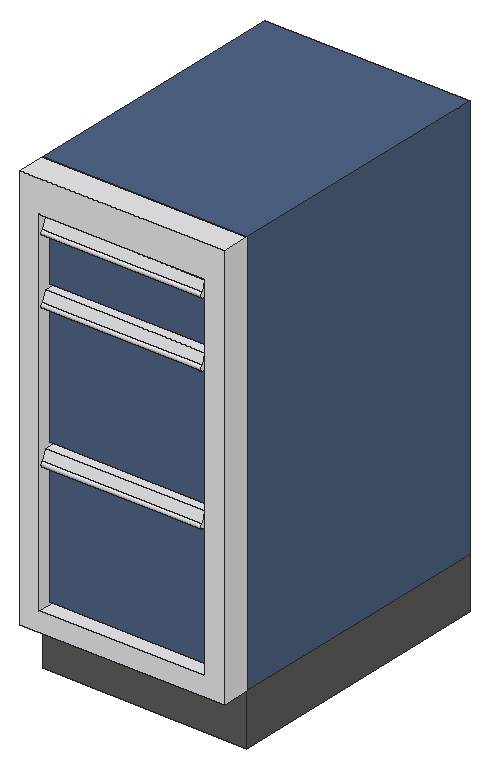
Revit family "Cabinet_Specialty-Cabinet_File-Cabinet_Moduline", category Furniture, Revit 2023
Family settings
  OmniClass Number = 23.40.20.00
  OmniClass Title = General Furniture and Specialties
  Work Plane-Based = No
  Enable Cutting in Views = No
  Always vertical = Yes
  Cut with Voids When Loaded = No
  Render Appearance Source = Family Geometry
  Shared = No
  Room Calculation Point = No
Parameters (values of type "32"H x 24"D x 16"W")
  Width = 16.000"
  URL = "https://modulinecabinets.com"
  Toe Kick Material [instance] = Metal - Moduline Aluminum Cabinets - Black
  Toe Kick Height [instance] = if(Toe Kick 2in, 2.000", 4.000")  # 4.000"
  Toe Kick 4in [instance] = not(Toe Kick 2in)  # yes
  Toe Kick 2in [instance] = no
  Product Page URL = "https://www.arcat.com/company/moduline-aluminum-cabinets-54175"
  Model = "Pro II Specialty Cabinets"
  Manufacturer = "Moduline Aluminum Cabinets"
  Keynote = "12 35 00"
  Height = 31.875"
  Handle Length = Width - 3.500"  # 12.500"
  Frame Material [instance] = Aluminum - Moduline Aluminum Cabinets - Clear Anodized
  Drawer Clearance = 20.750"  # constant formula
  Description = "Modular Specialty Cabinet, File Cabinet, 32\" Height x 24\" Depth x 16\" Width"
  Depth = 24.000"
  Default Elevation = 0.000"
  Copyright = "ARCAT"
  Cabinet Material [instance] = Aluminum - Moduline Aluminum Cabinets - Moduline Blue
  4 Drawers = no
  3 Drawers = yes
Types (2): name | Height | Description | 4 Drawers | 3 Drawers
  36"H x 24"D x 16"W | 35.875" | "Modular Specialty Cabinet, File Cabinet, 36\" Height x 24\" Depth x 16\" Width" | yes | no
  32"H x 24"D x 16"W | 31.875" | "Modular Specialty Cabinet, File Cabinet, 32\" Height x 24\" Depth x 16\" Width" | no | yes
Reference planes (in)
  plane 1 "Center Front/Back": y = 0
  plane 2 "Bottom": z = 0
  plane 3 "Center Left/Right": x = 0
  plane 4 "Top": z = 35.875
  plane 5 "Left": x = -8
  plane 6 "Right": x = 8
  plane 7 "Toe Kick Height": z = 4
  plane 8 "Front": y = -24
  plane 9 "Frame Back": y = -21.81448
  plane 10 "Drawer Handle": y = -22.31448
Forms (in)
  Extrusion 1, solid, material "Metal - Moduline Aluminum Cabinets - Black" <- "Toe Kick Material"
    sketch origin (0, 0, 0) x (0, 1, 0) y (0, 0, 1)
      loop
        line (-21.81448, 4) -> (-21.81448, 0) -> (0, 0) -> (0, 4) -> (-21.81448, 4)
    from -8 to 8
  Extrusion 2, solid, material "Aluminum - Moduline Aluminum Cabinets - Moduline Blue" <- "Cabinet Material", visible <- "4 Drawers"
    sketch origin (0, 0, 0) x (0, 1, 0) y (0, 0, 1)
      loop
        line (-21.81448, 35.875) -> (-21.81448, 4) -> (0, 4) -> (0, 35.875) -> (-21.81448, 35.875)
    from -8 to 8
  Extrusion 3, solid, material "Aluminum - Moduline Aluminum Cabinets - Clear Anodized" <- "Frame Material"
    sketch origin (0, 0, 0) x (1, 0, 0) y (0, 0, 1)
      loop
        line (-8, 35.875) -> (-8, 4) -> (8, 4) -> (8, 35.875) -> (-8, 35.875)
      loop
        line (-6.5, 33.38183) -> (-6.5, 5.5) -> (6.5, 5.5) -> (6.5, 33.38183) -> (-6.5, 33.38183)
    from 21.81448 to 24
  Extrusion 4, solid, material "Aluminum - Moduline Aluminum Cabinets - Moduline Blue" <- "Cabinet Material", visible <- "4 Drawers"
    sketch origin (0, 0, 0) x (1, 0, 0) y (0, 0, 1)
      loop
        line (-6.25, 28.28183) -> (-6.25, 24.78183) -> (6.25, 24.78183) -> (6.25, 28.28183) -> (-6.25, 28.28183)
      loop
        line (-6.25, 23.98183) -> (-6.25, 13.48183) -> (6.25, 13.48183) -> (6.25, 23.98183) -> (-6.25, 23.98183)
      loop
        line (-6.25, 12.68183) -> (-6.25, 1.895) -> (6.25, 1.895) -> (6.25, 12.68183) -> (-6.25, 12.68183)
      loop
        line (-6.25, 32.58183) -> (-6.25, 29.08183) -> (6.25, 29.08183) -> (6.25, 32.58183) -> (-6.25, 32.58183)
    from 21.81448 to 23.30112
  Extrusion 5, solid, material "Aluminum - Moduline Aluminum Cabinets - Moduline Blue" <- "Cabinet Material", visible <- "3 Drawers"
    sketch origin (0, 0, 0) x (1, 0, 0) y (0, 0, 1)
      loop
        line (-6.25, 32.75683) -> (-6.25, 28.25683) -> (6.25, 28.25683) -> (6.25, 32.75683) -> (-6.25, 32.75683)
      loop
        line (-6.25, 27.63183) -> (-6.25, 17.13183) -> (6.25, 17.13183) -> (6.25, 27.63183) -> (-6.25, 27.63183)
      loop
        line (-6.25, 16.50683) -> (-6.25, 5.895) -> (6.25, 5.895) -> (6.25, 16.50683) -> (-6.25, 16.50683)
    from 21.81448 to 23.30112
  Extrusion 6, solid, material "Aluminum - Moduline Aluminum Cabinets - Moduline Blue" <- "Cabinet Material", visible <- "3 Drawers"
    sketch origin (0, 0, 0) x (0, 1, 0) y (0, 0, 1)
      loop
        line (-21.81448, 35.875) -> (-21.81448, 4) -> (0, 4) -> (0, 35.875) -> (-21.81448, 35.875)
    from -8 to 8
Lines and regions (in)
  Masking region 1
    outline origin (0, 0, 0) x (1, 0, 0) y (0, 1, 0)
      loop
        line (-8, 0) -> (-8, -24) -> (8, -24) -> (8, 0) -> (-8, 0)
  model lines
    curve 1: line (8, 0, 35.3385) -> (8, 0, 35.50732)
  symbolic lines, style "FurnitureHiddenLines"
    curve 2: line (-8, -24, 35.875) -> (-8, -44.75, 35.875)
    curve 3: line (-8, -44.75, 35.875) -> (8, -44.75, 35.875)
    curve 4: line (8, -44.75, 35.875) -> (8, -24, 35.875)
Dimensions and locks (in)
  "Toe Kick Height": plane 7 "Toe Kick Height" to plane 2 "Bottom"
  "Height": plane 4 "Top" to plane 7 "Toe Kick Height"
  "Width": plane 6 "Right" to plane 5 "Left"
  equal spacing: plane 6 "Right", plane 3 "Center Left/Right", plane 5 "Left"
  locked: plane 8 "Front" to Extrusion 1 sketch curve at 2.18552
  plane 8 "Front" to Extrusion 2 sketch curve = 2.18552"
  plane 9 "Frame Back" to plane 8 "Front" = 2.18552"
  locked: Extrusion 2 to Extrusion 3 sketch curve at 1.5
  locked: Extrusion 3 sketch curve to Extrusion 2 at 1.5
  plane 9 "Frame Back" to plane 10 "Drawer Handle" = 0.500"
  "Depth": plane 8 "Front" to plane 1 "Center Front/Back"
  "Drawer Clearance": curve 3 to plane 8 "Front"
  plane 4 "Top" to Extrusion 3 sketch curve = 2.49317"
  plane 10 "Drawer Handle" to plane 8 "Front" = 1.68552"
  equal spacing: Extrusion 4 sketch curve, plane 3 "Center Left/Right", Extrusion 4 sketch curve  (x4)
  locked: plane 4 "Top" to nested 1 at 3.52451
  locked: plane 4 "Top" to nested 2 at 7.82451
  locked: plane 4 "Top" to nested 3 at 12.12451
  locked: plane 4 "Top" to nested 4 at 23.42451
  locked: plane 4 "Top" to nested 5 at 3.34951
  locked: plane 4 "Top" to nested 6 at 8.47451
  locked: plane 4 "Top" to nested 7 at 19.59951
  aligned and locked: level to plane 2 "Bottom"
  aligned and locked: plane 7 "Toe Kick Height" to Extrusion 1 sketch curve
  aligned and locked: plane 1 "Center Front/Back" to Extrusion 1 sketch curve
  aligned and locked: plane 2 "Bottom" to Extrusion 1 sketch curve
  aligned and locked: plane 6 "Right" to Extrusion 1
  aligned and locked: Extrusion 1 to plane 5 "Left"
  aligned and locked: plane 1 "Center Front/Back" to Extrusion 2 sketch curve
  aligned and locked: Extrusion 2 sketch curve to plane 4 "Top"
  aligned and locked: Extrusion 2 sketch curve to plane 7 "Toe Kick Height"
  aligned and locked: plane 6 "Right" to Extrusion 2
  aligned and locked: Extrusion 2 to plane 5 "Left"
  aligned and locked: Extrusion 3 sketch curve to plane 4 "Top"
  aligned and locked: plane 5 "Left" to Extrusion 3 sketch curve
  aligned and locked: Extrusion 3 sketch curve to plane 6 "Right"
  aligned and locked: Extrusion 3 sketch curve to plane 7 "Toe Kick Height"
  aligned and locked: Extrusion 3 to plane 8 "Front"
  aligned and locked: plane 9 "Frame Back" to Extrusion 3
  aligned and locked: plane 9 "Frame Back" to Extrusion 4
  aligned and locked: Masking region 1 sketch curve to plane 6 "Right"
  aligned and locked: plane 1 "Center Front/Back" to Masking region 1 sketch curve
  aligned and locked: plane 5 "Left" to Masking region 1 sketch curve
  aligned and locked: plane 8 "Front" to Masking region 1 sketch curve
  aligned and locked: plane 3 "Center Left/Right" to nested 1
  aligned and locked: plane 3 "Center Left/Right" to nested 2
  aligned and locked: plane 3 "Center Left/Right" to nested 3
  aligned and locked: plane 3 "Center Left/Right" to nested 4
  aligned and locked: plane 3 "Center Left/Right" to nested 7
  aligned and locked: plane 3 "Center Left/Right" to nested 6
  aligned and locked: plane 3 "Center Left/Right" to nested 5
Automatic sketch dimensions
  curve 1 to plane 6 "Right" = 0.000"
  curve 1 to plane 4 "Top" = 0.5365"
  curve 1 to curve 1 = 0.16882"
  Extrusion 3 sketch curve to plane 6 "Right" = 1.500"
  plane 5 "Left" to Extrusion 5 sketch curve = 1.750"  (x2)
  Extrusion 5 sketch curve to Extrusion 5 sketch curve = 0.000"  (x2)
  Extrusion 5 sketch curve to plane 6 "Right" = 1.750"  (x2)
  Extrusion 5 sketch curve to Extrusion 5 sketch curve = 0.625"  (x2)
  plane 7 "Toe Kick Height" to Extrusion 6 sketch curve = 0.000"
  Extrusion 6 sketch curve to plane 9 "Frame Back" = 0.000"
  Extrusion 6 sketch curve to plane 1 "Center Front/Back" = 0.000"
  Extrusion 6 sketch curve to plane 4 "Top" = 0.000"
  Extrusion 4 sketch curve to Extrusion 4 sketch curve = 0.000"  (x2)
  Extrusion 4 sketch curve to Extrusion 4 sketch curve = 10.78683"
  Extrusion 4 sketch curve to Extrusion 4 sketch curve = 0.800"  (x3)
  Extrusion 4 sketch curve to Extrusion 4 sketch curve = 3.500"  (x2)
  Extrusion 4 sketch curve to plane 4 "Top" = 3.29317"
  plane 5 "Left" to Extrusion 4 sketch curve = 1.750"  (x2)
  Extrusion 5 sketch curve to plane 4 "Top" = 8.24317"
  Extrusion 5 sketch curve to plane 4 "Top" = 3.11817"
  Extrusion 5 sketch curve to Extrusion 5 sketch curve = 10.61183"
  Extrusion 4 sketch curve to Extrusion 4 sketch curve = 10.500"
  Extrusion 5 sketch curve to Extrusion 5 sketch curve = 10.500"
  curve 4 to plane 6 "Right" = 0.000"
  curve 3 to plane 5 "Left" = 0.000"
  curve 4 to plane 8 "Front" = 0.000"
  curve 2 to plane 8 "Front" = 0.000"
Nested families (in)
  nested 1: "NEST_QuickDraw-Single_Action_Latch_System" at (0, -22.31448, 32.35049) x (1, 0, 0) z (0, -1, 0), Length <- "Handle Length", Drawer Handle Material <- "Frame Material", visible <- "4 Drawers", type "NEST_QuickDraw-Single_Action_Latch_System"
    with Length 12.500", Drawer Handle Material Aluminum - Moduline Aluminum Cabinets - Clear Anodized
  nested 2: "NEST_QuickDraw-Single_Action_Latch_System" at (0, -22.31448, 28.05049) x (1, 0, 0) z (0, -1, 0), Length <- "Handle Length", Drawer Handle Material <- "Frame Material", visible <- "4 Drawers", type "NEST_QuickDraw-Single_Action_Latch_System"
    with Length 12.500", Drawer Handle Material Aluminum - Moduline Aluminum Cabinets - Clear Anodized
  nested 3: "NEST_QuickDraw-Single_Action_Latch_System" at (0, -22.31448, 23.75049) x (1, 0, 0) z (0, -1, 0), Length <- "Handle Length", Drawer Handle Material <- "Frame Material", visible <- "4 Drawers", type "NEST_QuickDraw-Single_Action_Latch_System"
    with Length 12.500", Drawer Handle Material Aluminum - Moduline Aluminum Cabinets - Clear Anodized
  nested 4: "NEST_QuickDraw-Single_Action_Latch_System" at (0, -22.31448, 12.45049) x (1, 0, 0) z (0, -1, 0), Length <- "Handle Length", Drawer Handle Material <- "Frame Material", visible <- "4 Drawers", type "NEST_QuickDraw-Single_Action_Latch_System"
    with Length 12.500", Drawer Handle Material Aluminum - Moduline Aluminum Cabinets - Clear Anodized
  nested 5: "NEST_QuickDraw-Single_Action_Latch_System" at (0, -22.31448, 32.52549) x (1, 0, 0) z (0, -1, 0), Length <- "Handle Length", visible <- "3 Drawers", Drawer Handle Material <- "Frame Material", type "NEST_QuickDraw-Single_Action_Latch_System"
    with Length 12.500", Drawer Handle Material Aluminum - Moduline Aluminum Cabinets - Clear Anodized
  nested 6: "NEST_QuickDraw-Single_Action_Latch_System" at (0, -22.31448, 27.40049) x (1, 0, 0) z (0, -1, 0), Length <- "Handle Length", visible <- "3 Drawers", Drawer Handle Material <- "Frame Material", type "NEST_QuickDraw-Single_Action_Latch_System"
    with Length 12.500", Drawer Handle Material Aluminum - Moduline Aluminum Cabinets - Clear Anodized
  nested 7: "NEST_QuickDraw-Single_Action_Latch_System" at (0, -22.31448, 16.27549) x (1, 0, 0) z (0, -1, 0), Length <- "Handle Length", visible <- "3 Drawers", Drawer Handle Material <- "Frame Material", type "NEST_QuickDraw-Single_Action_Latch_System"
    with Length 12.500", Drawer Handle Material Aluminum - Moduline Aluminum Cabinets - Clear Anodized
Definition of nested family "NEST_QuickDraw-Single_Action_Latch_System"
  Parameters (values of type "NEST_QuickDraw-Single_Action_Latch_System")
    Length [instance] = 32.29395"
    Drawer Handle Material [instance] = none
    Default Elevation = 48.000"
  Reference planes (in)
    plane 1 "Center (Front/Back)": y = 0
    plane 2: z = 0
    plane 3 "Center (Left/Right)": x = 0
    plane 4: x = 16.14697
    plane 5: x = -16.14697
  Forms (in)
    Extrusion 1, solid
      sketch origin (0, 0, 0) x (1, 0, 0) y (0, 1, 0)
        loop
          line (-48, 48) -> (-48, -48) -> (48, -48) -> (48, 48) -> (-48, 48)
      from 0 to -12
    Extrusion 2, solid, material <- "Drawer Handle Material"
      sketch origin (0.42706, -2.62559, -0.04495) x (0, 1, 0) y (0, 0, 1)
        loop
          line (3.19475, 0.04495) -> (3.19475, 1.41644) -> (2.42653, 1.66605)
          arc (2.42653, 1.66605) -> (2.07868, 1.7476) -> (2.33745, 1.50125) r 0.18511
          line (2.33745, 1.50125) -> (2.85692, 1.33246) -> (2.85692, 0.04495) -> (3.19475, 0.04495)
      from -16.57403 to 15.71991
  Dimensions and locks (in)
    equal spacing: plane 5, plane 3 "Center (Left/Right)", plane 4
    "Length": plane 5 to plane 4
    aligned and locked: plane 2 to Extrusion 1
    aligned and locked: level to Extrusion 1
    aligned and locked: plane 2 to Extrusion 2 sketch curve
    aligned and locked: plane 5 to Extrusion 2
    aligned and locked: plane 4 to Extrusion 2
  Automatic sketch dimensions
    Extrusion 1 sketch curve to Extrusion 1 sketch curve = 96.000"  (x2)
    Extrusion 2 sketch curve to Extrusion 2 sketch curve = 0.09592"
    Extrusion 2 sketch curve to Extrusion 2 sketch curve = 0.185"
    Extrusion 2 sketch curve to Extrusion 2 sketch curve = 0.51947"
    Extrusion 2 sketch curve to Extrusion 2 sketch curve = 0.33783"
    Extrusion 2 sketch curve to Extrusion 2 sketch curve = 1.28751"
    Extrusion 2 sketch curve to Extrusion 2 sketch curve = 0.08398"
    Extrusion 2 sketch curve to Extrusion 2 sketch curve = 0.16879"
    Extrusion 2 sketch curve to Extrusion 2 sketch curve = 0.15832"
    plane 1 "Center (Front/Back)" to Extrusion 2 sketch curve = 0.38405"
